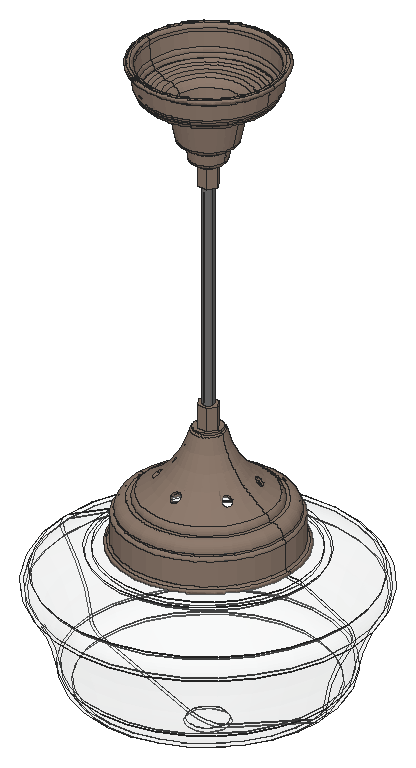
Revit family "SH-PE412", category Generic Models, Revit 2017
Family settings
  Can host rebar = No
  Round Connector Dimension = Use Diameter
  Part Type = Normal
  Work Plane-Based = No
  Always vertical = Yes
  Cut with Voids When Loaded = No
  Shared = No
  Room Calculation Point = No
Parameters
  SH-PE412 = ARCH. BRNZ.
  GLASS = Glass, Clear Glazing
  CORD = Rubber, Silicone
Reference planes (in)
  plane 1 "Center (Front/Back)": y = 0
  plane 2: z = 0
  plane 3 "Center (Left/Right)": x = 0
Forms (in)
  Revolve 1, solid, material "Glass, Clear Glazing" <- "GLASS"
    sketch origin (-31.06002, 0, 0) x (1, 0, 0) y (0, 0, 1)
      loop
        line (31.06002, 3.90882) -> (31.06002, 4.03382)
        arc (31.06002, 4.03382) -> (30.70443, 4.06784) -> (30.36175, 4.16869) r 1.875
        line (30.36175, 4.16869) -> (26.87023, 5.56975)
        arc (26.87023, 5.56975) -> (26.58578, 5.79891) -> (26.47799, 6.14792) r 0.625
        arc (26.47799, 6.14792) -> (26.12014, 7.48999) -> (25.45044, 8.70682) r 5.74055
        arc (25.45044, 8.70682) -> (25.3463, 9.03252) -> (25.54978, 9.30733) r 0.375
        arc (25.54978, 9.30733) -> (26.37479, 9.73329) -> (27.22219, 10.11275) r 16.69874
        arc (27.22219, 10.11275) -> (27.32979, 10.14637) -> (27.44169, 10.16012) r 0.625
        arc (27.44169, 10.16012) -> (27.8411, 10.19976) -> (28.23164, 10.29237) r 2.99951
        arc (28.23164, 10.29237) -> (28.41802, 10.48472) -> (28.43546, 10.75199) r 0.38818
        line (28.43546, 10.75199) -> (28.30491, 11.19421) -> (28.18502, 11.15882) -> (28.31557, 10.7166)
        arc (28.31557, 10.7166) -> (28.30545, 10.53931) -> (28.18502, 10.40882) r 0.26318
        arc (28.18502, 10.40882) -> (27.81545, 10.32221) -> (27.43769, 10.28506) r 2.87451
        arc (27.43769, 10.28506) -> (27.30342, 10.26856) -> (27.1743, 10.22821) r 0.75
        arc (27.1743, 10.22821) -> (26.32171, 9.84647) -> (25.49163, 9.41801) r 16.82374
        arc (25.49163, 9.41801) -> (25.22362, 9.05673) -> (25.35437, 8.62632) r 0.5
        arc (25.35437, 8.62632) -> (26.00434, 7.44292) -> (26.35307, 6.13858) r 5.61555
        arc (26.35307, 6.13858) -> (26.48486, 5.72503) -> (26.82368, 5.45374) r 0.75
        line (26.82368, 5.45374) -> (30.3152, 4.05268)
        arc (30.3152, 4.05268) -> (30.68073, 3.94511) -> (31.06002, 3.90882) r 2
      axis (31.06002, 11.19421) -> (31.06002, 3.90882)
    angle from 0 to 360
  Revolve 2, solid, material "ARCH. BRNZ." <- "SH-PE412"
    sketch origin (-31.06002, 0, 0) x (1, 0, 0) y (0, 0, 1)
      loop
        line (27.87252, 10.40783) -> (27.87252, 10.47733)
        arc (27.87252, 10.47733) -> (27.81002, 10.41483) -> (27.87252, 10.35233) r 0.0625
        arc (27.87252, 10.35233) -> (27.93443, 10.35989) -> (27.99184, 10.38423) r 0.22398
        arc (27.99184, 10.38423) -> (28.05287, 10.44819) -> (28.07752, 10.5331) r 0.18622
        line (28.07752, 10.5331) -> (28.07752, 11.41483)
        arc (28.07752, 11.41483) -> (28.0907, 11.44665) -> (28.12252, 11.45983) r 0.045
        arc (28.12252, 11.45983) -> (28.17909, 11.48326) -> (28.20252, 11.53983) r 0.08
        line (28.20252, 11.53983) -> (28.20252, 11.60233)
        arc (28.20252, 11.60233) -> (28.28893, 11.81093) -> (28.49752, 11.89733) r 0.295
        line (28.49752, 11.89733) -> (28.72829, 11.89733) -> (28.73549, 11.99866)
        arc (28.73549, 11.99866) -> (28.76215, 12.07865) -> (28.82397, 12.136) r 0.17
        arc (28.82397, 12.136) -> (29.93262, 13.08224) -> (30.56112, 14.39733) r 3.50875
        line (30.56112, 14.39733) -> (30.81002, 14.39733) -> (30.81002, 14.47733) -> (30.54731, 14.47733)
        arc (30.54731, 14.47733) -> (30.50854, 14.46386) -> (30.48649, 14.42924) r 0.0625
        arc (30.48649, 14.42924) -> (29.8733, 13.13634) -> (28.7858, 12.20631) r 3.42875
        arc (28.7858, 12.20631) -> (28.68789, 12.11043) -> (28.65524, 11.97733) r 0.25
        line (28.65524, 11.97733) -> (28.49752, 11.97733)
        arc (28.49752, 11.97733) -> (28.23236, 11.8675) -> (28.12252, 11.60233) r 0.375
        line (28.12252, 11.60233) -> (28.12252, 11.53983)
        arc (28.12252, 11.53983) -> (28.03413, 11.50322) -> (27.99752, 11.41483) r 0.125
        line (27.99752, 11.41483) -> (27.99752, 10.53505)
        arc (27.99752, 10.53505) -> (27.96122, 10.4457) -> (27.87252, 10.40783) r 0.12664
      axis (31.06002, 10.35233) -> (31.06002, 14.47733)
    angle from 0 to 360
  Extrusion 3, solid, material "ARCH. BRNZ." <- "SH-PE412"
    sketch origin (-31.06002, -14.902, 14.902) x (1, 0, 0) y (0, 1, 0)
      loop
        line (30.70033, 14.902) -> (30.88018, 14.5905) -> (31.23987, 14.5905) -> (31.41971, 14.902) -> (31.23987, 15.2135) -> (30.88018, 15.2135) -> (30.70033, 14.902)
    from -0.42467 to 0.45033
  Revolve 4, solid, material "ARCH. BRNZ." <- "SH-PE412"
    sketch origin (-31.06002, 0, 0) x (1, 0, 0) y (0, 0, 1)
      loop
        line (30.56002, 14.53983) -> (30.56002, 14.47733) -> (30.97768, 14.47733) -> (30.97768, 14.53983) -> (30.56002, 14.53983)
      axis (31.06002, 14.53983) -> (31.06002, 14.47733)
    angle from 0 to 360
  Revolve 5, solid, material "Rubber, Silicone" <- "CORD"
    sketch origin (-31.06002, 0, -2.17193) x (1, 0, 0) y (0, 0, 1)
      loop
        line (30.87252, 25.30126) -> (30.87252, 17.52426) -> (30.93502, 17.52426) -> (30.93502, 25.30126) -> (30.87252, 25.30126)
      axis (31.06002, 25.30126) -> (31.06002, 17.52426)
    angle from 0 to 360
  Extrusion 6, solid, material "ARCH. BRNZ." <- "SH-PE412"
    sketch origin (31.06002, -14.902, 23.554) x (0, 1, 0) y (-1, 0, 0)
      loop
        line (14.902, 30.70033) -> (15.2135, 30.88018) -> (15.2135, 31.23987) -> (14.902, 31.41971) -> (14.5905, 31.23987) -> (14.5905, 30.88018) -> (14.902, 30.70033)
    from -0.42467 to 0.45033
  Revolve 7, solid, material "ARCH. BRNZ." <- "SH-PE412"
    sketch origin (31.06002, 0, 38.48166) x (-1, 0, 0) y (0, 0, -1)
      loop
        line (30.56002, 14.53983) -> (30.56002, 14.47733) -> (30.97768, 14.47733) -> (30.97768, 14.53983) -> (30.56002, 14.53983)
      axis (31.06002, 14.53983) -> (31.06002, 14.47733)
    angle from 0 to 360
  Revolve 8, solid, material "ARCH. BRNZ." <- "SH-PE412"
    sketch origin (-31.06002, 0, 0) x (1, 0, 0) y (0, 0, 1)
      loop
        arc (29.14804, 26.23422) -> (29.22127, 26.21843) -> (29.26002, 26.15433) r 0.09454
        line (29.26002, 26.15433) -> (29.5383, 26.15433)
        arc (29.5383, 26.15433) -> (29.57901, 26.12192) -> (29.61212, 26.08179) r 0.25
        arc (29.61212, 26.08179) -> (29.72896, 25.99379) -> (29.82002, 25.87933) r 0.57902
        line (29.82002, 25.87933) -> (30.03976, 24.79207)
        arc (30.03976, 24.79207) -> (30.08457, 24.71893) -> (30.16596, 24.69174) r 0.125
        arc (30.16596, 24.69174) -> (30.30187, 24.64378) -> (30.37025, 24.5169) r 0.2
        line (30.37025, 24.5169) -> (30.42121, 24.11366)
        arc (30.42121, 24.11366) -> (30.46256, 24.03557) -> (30.54522, 24.00433) r 0.125
        line (30.54522, 24.00433) -> (30.81002, 24.00433) -> (30.81002, 24.08433) -> (30.54522, 24.08433)
        arc (30.54522, 24.08433) -> (30.51546, 24.09558) -> (30.50058, 24.12369) r 0.045
        line (30.50058, 24.12369) -> (30.44962, 24.52693)
        arc (30.44962, 24.52693) -> (30.35389, 24.70456) -> (30.16361, 24.77185) r 0.28
        arc (30.16361, 24.77185) -> (30.13431, 24.78159) -> (30.11818, 24.80792) r 0.045
        line (30.11818, 24.80792) -> (29.89576, 25.90842)
        arc (29.89576, 25.90842) -> (29.79632, 26.03959) -> (29.66747, 26.14201) r 0.65902
        arc (29.66747, 26.14201) -> (29.61872, 26.19401) -> (29.55993, 26.23433) r 0.33
        line (29.55993, 26.23433) -> (29.31415, 26.23433)
        arc (29.31415, 26.23433) -> (29.26184, 26.28758) -> (29.19207, 26.31411) r 0.17454
        arc (29.19207, 26.31411) -> (29.13867, 26.35497) -> (29.07355, 26.37175) r 0.16886
        arc (29.07355, 26.37175) -> (29.02125, 26.41193) -> (28.9573, 26.42808) r 0.16291
        line (28.9573, 26.42808) -> (28.90756, 26.42808)
        arc (28.90756, 26.42808) -> (28.88508, 26.5122) -> (28.82202, 26.57225) r 0.16071
        arc (28.82202, 26.57225) -> (28.8092, 26.65884) -> (28.76159, 26.7323) r 0.20613
        line (28.76159, 26.7323) -> (28.71252, 27.25806) -> (28.71252, 27.37933)
        arc (28.71252, 27.37933) -> (28.68342, 27.45999) -> (28.61002, 27.50433) r 0.12838
        line (28.61002, 27.50433) -> (28.50752, 27.50433)
        arc (28.50752, 27.50433) -> (28.44502, 27.44183) -> (28.50752, 27.37933) r 0.0625
        line (28.50752, 27.37933) -> (28.50752, 27.42933)
        arc (28.50752, 27.42933) -> (28.49502, 27.44183) -> (28.50752, 27.45433) r 0.0125
        line (28.50752, 27.45433) -> (28.55877, 27.45433)
        arc (28.55877, 27.45433) -> (28.61124, 27.43216) -> (28.63252, 27.37933) r 0.0742
        line (28.63252, 27.37933) -> (28.63252, 27.25433) -> (28.68502, 26.69183)
        arc (28.68502, 26.69183) -> (28.72688, 26.6468) -> (28.74248, 26.58734) r 0.12613
        arc (28.74248, 26.58734) -> (28.7522, 26.54215) -> (28.77877, 26.50433) r 0.11618
        arc (28.77877, 26.50433) -> (28.81469, 26.47394) -> (28.82756, 26.42869) r 0.08071
        arc (28.82756, 26.42869) -> (28.84014, 26.38286) -> (28.87252, 26.34808) r 0.09958
        line (28.87252, 26.34808) -> (28.95527, 26.34808)
        arc (28.95527, 26.34808) -> (29.0006, 26.33117) -> (29.02877, 26.29183) r 0.08291
        line (29.02877, 26.29183) -> (29.05964, 26.29183)
        arc (29.05964, 26.29183) -> (29.11332, 26.27757) -> (29.14804, 26.23422) r 0.08886
      axis (31.06002, 27.50433) -> (31.06002, 24.00433)
    angle from 0 to 360
  Extrusion 9, void
    sketch origin (0, -9.42311, 2.58027) x (1, 0, 0) y (0, 0.707107, 0.707107)
      loop
        circle (0, 12.66483) r 0.1875
    from 1.50096 to 1.64219
  Extrusion 10, void
    sketch origin (0, 9.42311, 2.58027) x (1, 0, 0) y (0, 0.707107, -0.707107)
      loop
        circle (0, -12.66483) r 0.1875
    from 1.50096 to 1.64219
  Extrusion 11, void
    sketch origin (-8.16065, -4.71155, 2.58027) x (0.5, -0.866025, 0) y (0.612372, 0.353553, 0.707107)
      loop
        circle (0, 12.66483) r 0.1875
    from 1.50096 to 1.64219
  Extrusion 12, void
    sketch origin (8.16065, 4.71155, 2.58027) x (0.5, -0.866025, 0) y (0.612372, 0.353553, -0.707107)
      loop
        circle (0, -12.66483) r 0.1875
    from 1.50096 to 1.64219
  Extrusion 13, void
    sketch origin (8.16065, -4.71155, 2.58027) x (0.5, 0.866025, 0) y (-0.612372, 0.353553, 0.707107)
      loop
        circle (0, 12.66483) r 0.1875
    from 1.50096 to 1.64219
  Extrusion 14, void
    sketch origin (-8.16065, 4.71155, 2.58027) x (0.5, 0.866025, 0) y (-0.612372, 0.353553, -0.707107)
      loop
        circle (0, -12.66483) r 0.1875
    from 1.50096 to 1.64219
Cuts and joins
  Extrusion 9, Extrusion 10, Extrusion 11, Extrusion 12, Extrusion 13, Extrusion 14 cuts Revolve 2
Dimensions and locks (in)
  aligned and locked: plane 2 to level
